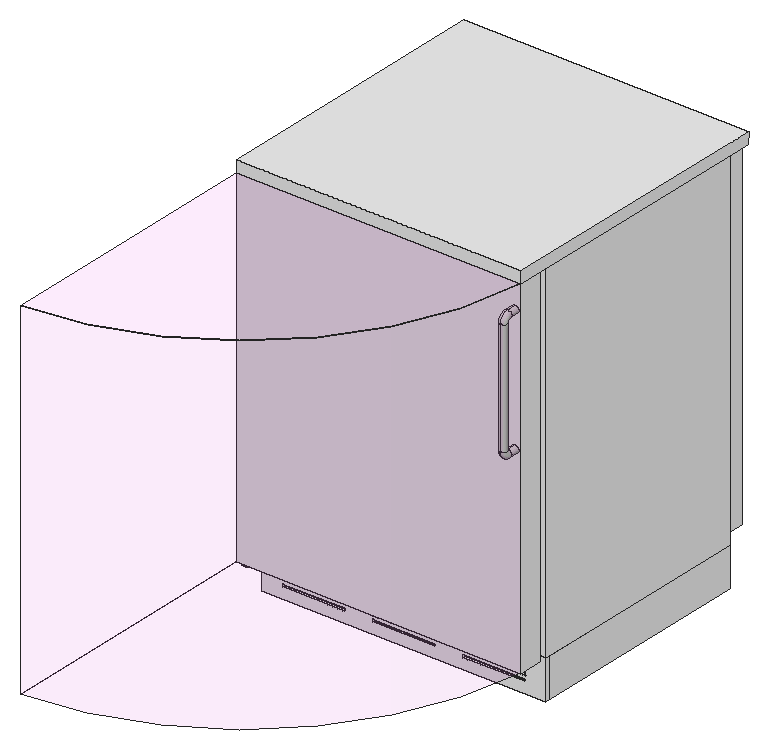
Revit family "QF_Summit_FF6W_Refrigerator", category Specialty Equipment, Revit 2020
Family settings
  Round Connector Dimension = Use Diameter
  Part Type = Normal
  Work Plane-Based = No
  Always vertical = Yes
  Cut with Voids When Loaded = No
  Shared = No
  Room Calculation Point = No
Parameters
  Weight in Pounds = 100
  Watts = Volts * FL Amps  # 92 W
  Volts = 115 V
  URL Cutsheet = ""
  Specification by User = ""
  Specification by Manufacturer = ""
  Show LHD [instance] = yes
  Right Hinged Door [instance] = not(Show LHD)  # no
  Serial Number = ""
  Seismic Rating = ""
  SMACNA No = ""
  Revision Code = ""
  Refrigerant Volume = 0.00 kip
  Refrigerant Type = "R600a"
  Phase = 1
  Number of Poles = 1
  NAFEM Spec ID Number = ""
  Model = "FF6W"
  Min Ckt Ampacity = 0 A
  Max Overcurrent Protection = 0 A
  Masterspec = ""
  Manufacturer = "Summit"
  Length = 23 5/8"
  Item Number = ""
  Installed By = ""
  Identify Quantity as Lot = yes
  Height = 33 1/2"
  HP = ""
  Furnished By = ""
  Foodservice Equipment Identifier = yes
  FL Amps = 0.8 A
  Electrical Remarks = ""
  Electric Connection Type = ""
  Elec Conn RI Height = 0"
  Elec Conn Connection Height = 0"
  Description = "Refrigerator"
  Depth = 23 5/8"
  Default Elevation = 0"
  Cycle = 60 Hz
  Conn Plug = ""
  Conn Conduit = yes
  CSI MasterFormat = ""
  BTUH = 0.0 Btu/h
  Apparent Power = if(Phase = 3, Volts * FL Amps * 1.73, Volts * FL Amps)  # 92 VA
Reference planes (in)
  plane 1 "BACK": y = 0
  plane 2: z = 0
  plane 3 "LEFT": x = 0
  plane 4 "RIGHT": x = 23.625
  plane 5 "FRONT": y = -23.625
  plane 6 "TOP": z = 33.5
  plane 7 "Center Y": x = 11.8125
  plane 8 "Center X": y = -11.8125
  plane 9: z = 32.5
  plane 10: y = -25.125
  plane 11: y = -46.125
  plane 12: y = -1.875
  plane 13: y = -21
  plane 14: z = 3.5
  plane 15: z = 0.25
  plane 16: x = 15.625
Forms (in)
  Extrusion 1, solid, material "QF_Clearances_Door_Drawer", visible <- "Right Hinged Door"
    sketch origin (-5.77638, -180, 3.5) x (0, -1, 0) y (-1, 0, 0)
      loop
        line (-156.375, -29.40138) -> (-133.875, -29.40138)
        arc (-133.875, -29.40138) -> (-140.72578, -13.40614) -> (-156.375, -5.79807) r 24.90887
        line (-156.375, -5.79807) -> (-156.375, -29.40138)
    from 0 to -29
  Extrusion 2, solid, material "QF_Metallic_Paint_White_Smooth"
    sketch origin (-4.07558, -180, 0.375) x (-1, 0, 0) y (0, -1, 0)
      loop
        line (-4.07558, -178.125) -> (-4.07558, -159) -> (-27.70058, -159) -> (-27.70058, -178.125) -> (-4.07558, -178.125)
    from 3.125 to 32.125
  Extrusion 3, solid, material "QF_Metallic_Paint_White_Smooth"
    sketch origin (-5.77638, -180.25, 3.625) x (-1, 0, 0) y (0, -1, 0)
      loop
        line (-5.77638, -156.625) -> (-29.40138, -156.625) -> (-29.40138, -158.61283) -> (-5.77638, -158.61283) -> (-5.77638, -156.625)
    from -0.125 to 28.875
  Extrusion 4, solid, material "QF_Metallic_Paint_White_Smooth"
    sketch origin (23.625, -21.63717, 3.625) x (-1, 0, 0) y (0, 0, 1)
      loop
        line (0.5, 0.375) -> (23.125, 0.375) -> (23.125, 28.375) -> (0.5, 28.375) -> (0.5, 0.375)
    from 0 to 0.63717
  Extrusion 5, solid, material "QF_Metallic_Paint_White_Smooth", visible <- "Right Hinged Door"
    sketch origin (-5.77638, -180, 3.5) x (0, 1, 0) y (1, 0, 0)
      loop
        line (159, 29.27619) -> (156.87717, 29.27619)
        arc (156.87717, 29.27619) -> (156.46088, 28.95386) -> (156.66871, 28.47012) r 0.42999
        line (156.66871, 28.47012) -> (159, 27.61413) -> (159, 29.27619)
    from 0 to 0.125
  Extrusion 6, solid, material "QF_Metallic_Paint_White_Smooth"
    sketch origin (-12.48311, -21, 48.125) x (-1, 0, 0) y (0, 0, 1)
      loop
        line (-12.48311, -44.625) -> (-36.10811, -44.625) -> (-36.10811, -47.875) -> (-12.48311, -47.875) -> (-12.48311, -44.625)
      loop
        line (-14.18872, -45.26011) -> (-19.43872, -45.26011) -> (-19.43872, -45.51011) -> (-14.18872, -45.51011) -> (-14.18872, -45.26011)
      loop
        line (-14.18872, -45.76011) -> (-19.43872, -45.76011) -> (-19.43872, -46.01011) -> (-14.18872, -46.01011) -> (-14.18872, -45.76011)
      loop
        line (-14.18872, -46.26011) -> (-19.43872, -46.26011) -> (-19.43872, -46.51011) -> (-14.18872, -46.51011) -> (-14.18872, -46.26011)
      loop
        line (-14.18872, -46.76011) -> (-19.43872, -46.76011) -> (-19.43872, -47.01011) -> (-14.18872, -47.01011) -> (-14.18872, -46.76011)
      loop
        line (-21.67061, -45.26011) -> (-26.92061, -45.26011) -> (-26.92061, -45.51011) -> (-21.67061, -45.51011) -> (-21.67061, -45.26011)
      loop
        line (-21.67061, -45.76011) -> (-26.92061, -45.76011) -> (-26.92061, -46.01011) -> (-21.67061, -46.01011) -> (-21.67061, -45.76011)
      loop
        line (-21.67061, -46.26011) -> (-26.92061, -46.26011) -> (-26.92061, -46.51011) -> (-21.67061, -46.51011) -> (-21.67061, -46.26011)
      loop
        line (-21.67061, -46.76011) -> (-26.92061, -46.76011) -> (-26.92061, -47.01011) -> (-21.67061, -47.01011) -> (-21.67061, -46.76011)
      loop
        line (-34.40249, -45.26011) -> (-34.40249, -45.51011) -> (-29.15249, -45.51011) -> (-29.15249, -45.26011) -> (-34.40249, -45.26011)
      loop
        line (-34.40249, -45.76011) -> (-34.40249, -46.01011) -> (-29.15249, -46.01011) -> (-29.15249, -45.76011) -> (-34.40249, -45.76011)
      loop
        line (-34.40249, -46.26011) -> (-34.40249, -46.51011) -> (-29.15249, -46.51011) -> (-29.15249, -46.26011) -> (-34.40249, -46.26011)
      loop
        line (-34.40249, -46.76011) -> (-34.40249, -47.01011) -> (-29.15249, -47.01011) -> (-29.15249, -46.76011) -> (-34.40249, -46.76011)
    from 0 to 0.25
  Extrusion 7, solid, material "QF_Metallic_Paint_White_Smooth"
    sketch origin (-12.48311, -1, 48.125) x (-1, 0, 0) y (0, 0, 1)
      loop
        line (-12.48311, -44.625) -> (-36.10811, -44.625) -> (-36.10811, -47.875) -> (-12.48311, -47.875) -> (-12.48311, -44.625)
    from -19.75 to -0.875
  Extrusion 8, solid, material "QF_Metallic_Paint_White_Smooth"
    sketch origin (0, 0, 0.125) x (1, 0, 0) y (0, 1, 0)
      loop
        circle (3.1104, -19) r 0.5
      loop
        circle (3.1104, -3.875) r 0.5
      loop
        circle (18.67791, -19) r 0.5
      loop
        circle (18.67791, -3.875) r 0.5
    from -0.125 to 0.125
  Extrusion 9, solid, material "QF_Metal_Stainless_Polished"
    sketch origin (-1.83669, -1.875, 0.375) x (1, 0, 0) y (0, 0, -1)
      loop
        circle (17.46169, -0.84684) r 0.25
    from 0 to 0.25
  Extrusion 10, solid, material "QF_Metallic_Paint_White_Smooth"
    sketch origin (0, -0.75, 17.875) x (0, -1, 0) y (1, 0, 0)
      loop
        line (-0.75, 0.5) -> (1.125, 0.5) -> (1.125, 23.125) -> (-0.75, 23.125) -> (-0.75, 0.5)
    from -13.875 to 14.625
  Sweep 11, solid, material "QF_Metal_Stainless_Polished", visible <- "Right Hinged Door"
    path origin (0.5, -0.25, 1.125) x (0, 1, 0) y (0, 0, 1)
      loop
        line (-23.375, 29.625) -> (-24.125, 29.625)
        arc (-24.125, 29.625) -> (-24.65533, 29.40533) -> (-24.875, 28.875) r 0.75
        line (-24.875, 28.875) -> (-24.875, 19.375)
        arc (-24.875, 19.375) -> (-24.65533, 18.84467) -> (-24.125, 18.625) r 0.75
        line (-24.125, 18.625) -> (-23.375, 18.625)
    profile origin (0.5, -24, 30.75) x (0, 0, -1) y (1, 0, 0)
      loop
        circle (0.3, 0) r 0.3
  Extrusion 12, solid, material "QF_Metallic_Paint_White_Smooth"
    sketch origin (-38.39759, -180, 33.5) x (-1, 0, 0) y (0, -1, 0)
      loop
        line (-38.39759, -180) -> (-38.39759, -156.375) -> (-62.02259, -156.375) -> (-62.02259, -180) -> (-38.39759, -180)
    from 0 to -1
  Extrusion 13, solid, material "QF_Clearances_Door_Drawer", visible <- "Show LHD"
    sketch origin (29.40138, -180, 3.5) x (0, 1, 0) y (1, 0, 0)
      loop
        line (156.375, -29.40138) -> (156.375, -5.79807)
        arc (156.375, -5.79807) -> (140.72578, -13.40614) -> (133.875, -29.40138) r 24.90887
        line (133.875, -29.40138) -> (156.375, -29.40138)
    from 0 to -29
  Extrusion 14, solid, material "QF_Metallic_Paint_White_Smooth", visible <- "Show LHD"
    sketch origin (29.40138, -180, 3.5) x (0, -1, 0) y (-1, 0, 0)
      loop
        line (-159, 29.27619) -> (-159, 27.61413) -> (-156.66871, 28.47012)
        arc (-156.66871, 28.47012) -> (-156.46088, 28.95386) -> (-156.87717, 29.27619) r 0.42999
        line (-156.87717, 29.27619) -> (-159, 29.27619)
    from 0 to 0.125
  Sweep 15, solid, material "QF_Metal_Stainless_Polished", visible <- "Show LHD"
    path origin (23.125, -0.25, 1.125) x (0, 1, 0) y (0, 0, -1)
      loop
        line (-23.375, -29.625) -> (-24.125, -29.625)
        arc (-24.125, -29.625) -> (-24.65533, -29.40533) -> (-24.875, -28.875) r 0.75
        line (-24.875, -28.875) -> (-24.875, -19.375)
        arc (-24.875, -19.375) -> (-24.65533, -18.84467) -> (-24.125, -18.625) r 0.75
        line (-24.125, -18.625) -> (-23.375, -18.625)
    profile origin (23.125, -24, 30.75) x (0, 0, 1) y (-1, 0, 0)
      loop
        circle (-0.3, 0) r 0.3
Lines and regions (in)
  symbolic lines
    curve 1: line (0, 0, 0) -> (23.625, 0, 0)
    curve 2: line (0, -23.625, 0) -> (0, 0, 0)
    curve 3: line (23.625, -23.625, 0) -> (0, -23.625, 0)
    curve 4: line (23.625, 0, 0) -> (23.625, -23.625, 0)
  symbolic lines, visible <- "Right Hinged Door"
    curve 5: line (0.79985, -24.82472, 0) -> (0.79985, -23.625, 0)
    curve 6: line (0.19928, -24.82472, 0) -> (0.19928, -23.625, 0)
    curve 7: arc (0.19928, -24.82472, 0) -> (0.49957, -25.125, 0) -> (0.79985, -24.82472, 0) r 0.30028
  symbolic lines, style "QF_Clearances_Door_Drawer", visible <- "Right Hinged Door"
    curve 8: line (23.625, -23.625, 0) -> (4.01506, -34.94681, 0)
    curve 9: arc (4.01506, -34.94681, 0) -> (1.32607, -29.53009, 0) -> (0.02169, -23.625, 0) r 24.90887
  symbolic lines, style "QF_Clearances_Door_Drawer", visible <- "Show LHD"
    curve 10: line (0, -23.625, 0) -> (19.60994, -34.94681, 0)
    curve 11: arc (19.60994, -34.94681, 0) -> (22.29893, -29.53009, 0) -> (23.60331, -23.625, 0) r 24.90887
  symbolic lines, visible <- "Show LHD"
    curve 12: line (22.82515, -24.82472, 0) -> (22.82515, -23.625, 0)
    curve 13: line (23.42572, -24.82472, 0) -> (23.42572, -23.625, 0)
    curve 14: arc (23.42572, -24.82472, 0) -> (23.12543, -25.125, 0) -> (22.82515, -24.82472, 0) r 0.30028
Dimensions and locks (in)
  equal spacing: plane 3 "LEFT", plane 7 "Center Y", plane 4 "RIGHT"
  "Length": plane 3 "LEFT" to plane 4 "RIGHT"
  equal spacing: plane 5 "FRONT", plane 8 "Center X", plane 1 "BACK"
  "Depth": plane 5 "FRONT" to plane 1 "BACK"
  "Height": plane 6 "TOP" to level
  plane 4 "RIGHT" to plane 3 "LEFT" = 23 5/8"
  locked: plane 6 "TOP" to plane 9 at 1
  locked: plane 10 to plane 5 "FRONT" at 1.5
  plane 1 "BACK" to plane 12 = 1 7/8"
  plane 9 to plane 2 = 32 1/2"
  plane 11 to plane 1 "BACK" = 46 1/8"
  plane 14 to plane 15 = 3 1/4"
  plane 15 to plane 2 = 1/4"
  plane 5 "FRONT" to plane 12 = 21 3/4"
  aligned and locked: level to plane 2
Automatic sketch dimensions
  plane 5 "FRONT" to Extrusion 1 sketch curve = 0"
  Extrusion 1 sketch curve to plane 4 "RIGHT" = 0"
  Extrusion 1 sketch curve to plane 11 = 0"
  Extrusion 1 sketch curve to plane 13 = 0.24465"
  plane 3 "LEFT" to Extrusion 1 sketch curve = 0.02169"
  Extrusion 2 sketch curve to plane 4 "RIGHT" = 0"
  Extrusion 2 sketch curve to plane 3 "LEFT" = 0"
  Extrusion 2 sketch curve to plane 12 = 0"
  Extrusion 2 sketch curve to plane 13 = 0"
  Extrusion 3 sketch curve to plane 4 "RIGHT" = 0"
  Extrusion 3 sketch curve to plane 3 "LEFT" = 0"
  plane 5 "FRONT" to Extrusion 3 sketch curve = 0"
  Extrusion 3 sketch curve to plane 13 = 0.63717"
  Extrusion 3 to Extrusion 4 sketch curve = 1/2"  (x3)
  Extrusion 4 sketch curve to Extrusion 3 = 1/2"
  Extrusion 5 sketch curve to plane 13 = 0"
  Extrusion 5 sketch curve to plane 5 "FRONT" = 0.50217"
  Extrusion 5 sketch curve to plane 5 "FRONT" = 0.29371"
  plane 4 "RIGHT" to Extrusion 5 sketch curve = 0.12518"
  Extrusion 5 sketch curve to Extrusion 5 sketch curve = 0.42999"
  Extrusion 5 sketch curve to Extrusion 5 sketch curve = 1.66207"
  plane 4 "RIGHT" to Extrusion 6 sketch curve = 0"
  Extrusion 6 sketch curve to plane 3 "LEFT" = 0"
  Extrusion 6 sketch curve to plane 15 = 0"
  Extrusion 6 sketch curve to plane 14 = 0"
  plane 4 "RIGHT" to Extrusion 6 sketch curve = 1.70562"
  Extrusion 6 sketch curve to Extrusion 6 sketch curve = 0"  (x18)
  Extrusion 6 sketch curve to plane 16 = 1.04438"
  plane 16 to Extrusion 6 sketch curve = 1 3/16"
  Extrusion 6 sketch curve to plane 14 = 1.13511"
  Extrusion 6 sketch curve to plane 7 "Center Y" = 2 5/8"
  plane 15 to Extrusion 6 sketch curve = 1.11489"
  Extrusion 6 sketch curve to Extrusion 6 sketch curve = 2.23188"
  plane 3 "LEFT" to Extrusion 6 sketch curve = 1.70562"
  plane 15 to Extrusion 6 sketch curve = 0.86489"  (x2)
  Extrusion 6 sketch curve to Extrusion 6 sketch curve = 1/4"  (x20)
  plane 4 "RIGHT" to Extrusion 7 sketch curve = 0"
  Extrusion 7 sketch curve to plane 3 "LEFT" = 0"
  Extrusion 7 sketch curve to plane 15 = 0"
  Extrusion 7 sketch curve to plane 14 = 0"
  plane 3 "LEFT" to Extrusion 8 sketch curve = 3.1104"  (x2)
  Extrusion 8 sketch curve to plane 16 = 3.05291"  (x2)
  plane 13 to Extrusion 8 sketch curve = 2"  (x2)
  Extrusion 8 sketch curve to plane 12 = 2"  (x2)
  Extrusion 9 sketch curve to Extrusion 2 = 2.27816"
  Extrusion 9 sketch curve to Extrusion 2 = 8"
  plane 1 "BACK" to Extrusion 10 sketch curve = 0"
  Extrusion 10 sketch curve to plane 12 = 0"
  plane 3 "LEFT" to Extrusion 10 sketch curve = 1/2"
  plane 4 "RIGHT" to Extrusion 10 sketch curve = 1/2"
  Sweep 11 sketch curve to plane 10 = 0"
  Sweep 11 sketch curve to plane 5 "FRONT" = 0"  (x2)
  plane 5 "FRONT" to Sweep 11 sketch curve = 3/4"  (x2)
  Sweep 11 sketch curve to plane 9 = 12 3/4"
  Sweep 11 sketch curve to plane 9 = 2 1/2"
  Sweep 11 sketch curve to profile plane = 0"
  Sweep 11 sketch curve to profile plane = 0.3"
  plane 1 "BACK" to Extrusion 12 sketch curve = 0"
  Extrusion 12 sketch curve to plane 4 "RIGHT" = 0"
  Extrusion 12 sketch curve to plane 3 "LEFT" = 0"
  plane 5 "FRONT" to Extrusion 12 sketch curve = 0"
  Extrusion 13 sketch curve to plane 3 "LEFT" = 0"
  Extrusion 13 sketch curve to plane 11 = 0"
  plane 5 "FRONT" to Extrusion 13 sketch curve = 0"
  Extrusion 13 sketch curve to plane 13 = 0.24465"
  plane 4 "RIGHT" to Extrusion 13 sketch curve = 0.02169"
  Extrusion 14 sketch curve to plane 13 = 0"
  plane 3 "LEFT" to Extrusion 14 sketch curve = 0.12518"
  Extrusion 14 sketch curve to plane 5 "FRONT" = 0.50217"
  Extrusion 14 sketch curve to plane 5 "FRONT" = 0.29371"
  Extrusion 14 sketch curve to Extrusion 14 sketch curve = 0.42999"
  Extrusion 14 sketch curve to Extrusion 14 sketch curve = 1.66207"
  Sweep 15 sketch curve to plane 10 = 0"
  Sweep 15 sketch curve to plane 5 "FRONT" = 0"  (x2)
  plane 5 "FRONT" to Sweep 15 sketch curve = 3/4"  (x2)
  Sweep 15 sketch curve to plane 9 = 1 3/4"
  Sweep 15 sketch curve to Sweep 15 sketch curve = 9 1/2"
  profile plane to Sweep 15 sketch curve = 0"
  profile plane to Sweep 15 sketch curve = 0.3"
  curve 2 to plane 3 "LEFT" = 0"
  plane 5 "FRONT" to curve 9 = 0"
  plane 5 "FRONT" to curve 6 = 0"
  plane 5 "FRONT" to curve 11 = 0"
  curve 3 to plane 4 "RIGHT" = 0"
  plane 1 "BACK" to curve 4 = 0"
  curve 11 to plane 13 = 0.24465"
  curve 11 to plane 3 "LEFT" = 1.19156"
  plane 3 "LEFT" to curve 6 = 0.19928"
  curve 6 to curve 7 = 0.30028"
  plane 3 "LEFT" to curve 8 = 4.01506"
  curve 10 to plane 16 = 3.98494"
  plane 4 "RIGHT" to curve 12 = 0.79985"
  curve 12 to curve 14 = 0.30028"
  curve 9 to plane 13 = 0.24465"
  curve 9 to plane 4 "RIGHT" = 1.19156"
  plane 10 to curve 7 = 0.30028"
  plane 10 to curve 14 = 0.30028"
  curve 8 to plane 10 = 9.82181"
  curve 10 to plane 10 = 9.82181"
  radius of Extrusion 8 sketch curve = 1/2"  (x4)
  radius of Extrusion 9 sketch curve = 1/4"
  radius of Sweep 11 sketch curve = 0.3"
  radius of Sweep 15 sketch curve = 0.3"
Connectors (in)
  electrical at (15.625, -1.625, 1.22184), driven by "Volts", driven by "Watts"
    settings: on Extrusion 9, index 3, voltage 115 V, apparent load 92 VA, apparent load phase1 0 VA, apparent load phase2 0 VA, apparent load phase3 0 VA, power factor 1, load classification "Other", number of poles 1, system type 30, power factor state 1, is connector primary yes, connector utility no, sub classification motor no, connector description ""
